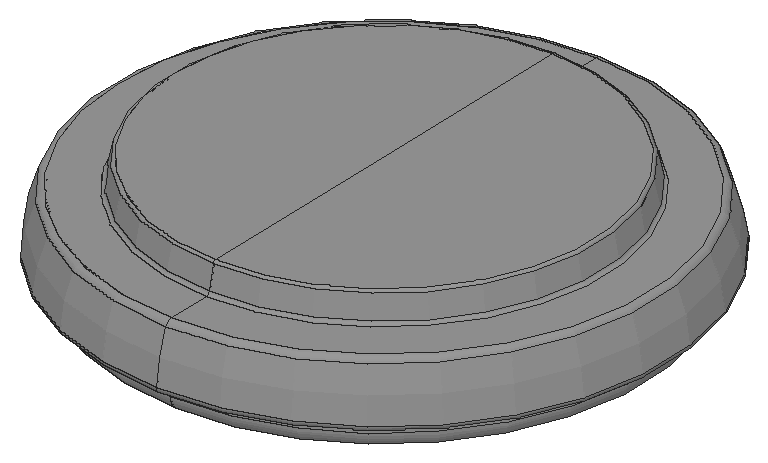
Revit family "FMK11_63_UN_Surface-mounted_ETK", category Lighting Fixtures, Revit 2017 (continued)
Definition of nested family "FMK.1 - Lightsource"
  Types (13, lengths in mm): name | Wattage Comments | Photometric Web File | built-in parameter 1150142 | Apparent Load
      82.7397\t271.7601\t260.7829\t249.8115\t238.199\t224.9904\t212.0355\t199.0916\r\n186.1571\t173.2273\t160.3064\t147.3979\t134.5054\t133.8004\t26.4433\t0\t0\t0\r\n0\t0\t0\t0\t0\t0\r\n405.3384\t404.7985\t404.2731\t402.9746\t400.9294\t398.9778\t395.1912\t391.2006\t387.1764\t383.1518\r\n379.3503\t373.2478\t366.6736\t360.0872\t353.4808\t347.1016\t338.8269\t329.9717\t321.1259\t312.2733\r\n303.6511\t293.3438\t282.42\t271.4857\t260.561\t249.8768\t237.5346\t224.5982\t211.6601\t198.736\r\n185.8092\t172.8976\t159.9952\t147.0924\t134.208\t131.9549\t19.0178\t0\t0\t0\r\n0\t0\t0\t0\t0\t0\r\n405.3384\t404.775\t404.2417\t402.941\t400.8877\t398.9141\t395.0686\t391.0953\t387.0939\t383.0703\r\n379.2465\t373.03\t366.4888\t359.9216\t353.3431\t346.971\t338.5451\t329.7328\t320.92\t312.0934\r\n303.4848\t293.0109\t282.1221\t271.2145\t260.3152\t249.6258\t237.1217\t224.202\t211.2903\t198.3835\r\n185.4706\t172.5647\t159.66\t146.7717\t133.8799\t129.6163\t13.1927\t0\t0\t0\r\n0\t0\t0\t0\t0\t0\r\n405.3384\t404.7527\t404.2068\t402.9019\t400.8767\t398.8558\t394.9637\t390.9782\t387.0011\t382.9988\r\n379.1382\t372.8305\t366.3205\t359.7944\t353.2392\t346.8416\t338.2971\t329.4929\t320.6819\t311.8859\r\n303.2565\t292.6827\t281.8284\t270.9715\t260.0963\t249.3876\t236.7404\t223.8309\t210.924\t198.0301\r\n185.1227\t172.2345\t159.3412\t146.4511\t133.5636\t127.1408\t8.7076\t0\t0\t0\r\n0\t0\t0\t0\t0\t0\r\n405.3384\t404.7317\t404.1685\t402.8573\t400.8341\t398.8203\t394.8729\t390.882\t386.8997\t382.9031\r\n379.0139\t372.6472\t366.1376\t359.6334\t353.1356\t346.7285\t338.0975\t329.2976\t320.4978\t311.7082\r\n303.0442\t292.3608\t281.5086\t270.6653\t259.8241\t249.1051\t236.3739\t223.483\t210.5936\t197.696\r\n184.8022\t171.9214\t159.0318\t146.1423\t133.2543\t124.7431\t5.3342\t0\t0\t0\r\n0\t0\t0\t0\t0\t0\r\n405.3384\t404.7118\t404.0854\t402.8071\t400.7827\t398.7607\t394.8082\t390.8197\t386.8117\t382.8145\r\n378.8745\t372.4566\t365.9558\t359.4647\t352.9636\t346.5217\t337.8337\t329.0692\t320.2987\t311.5096\r\n302.8013\t292.0593\t281.2296\t270.4093\t259.5758\t248.8064\t236.0021\t223.1017\t210.2133\t197.3263\r\n184.4407\t171.5452\t158.6583\t145.7732\t132.8917\t122.5723\t2.8944\t0\t0\t0\r\n0\t0\t0\t0\t0\t0\r\n405.3384\t404.6932\t404.0473\t402.7226\t400.7224\t398.6915\t394.7212\t390.7363\t386.7361\t382.7442\r\n378.7775\t372.3101\t365.7992\t359.3066\t352.8016\t346.3302\t337.6023\t328.8394\t320.0728\t311.2958\r\n302.561\t291.776\t280.951\t270.126\t259.3004\t248.5209\t235.6594\t222.7723\t209.8851\t196.9978\r\n184.1099\t171.2248\t158.3346\t145.4546\t132.5648\t120.8445\t1.2522\t0\t0\t0\r\n0\t0\t0\t0\t0\t0\r\n405.3384\t404.6757\t404.0125\t402.6704\t400.6365\t398.604\t394.6163\t390.6263\t386.6347\t382.642\r\n378.653\t372.1631\t365.664\t359.1642\t352.6514\t346.1579\t337.4057\t328.6338\t319.8737\t311.0997\r\n302.337\t291.5239\t280.7001\t269.8776\t259.0436\t248.2362\t235.3595\t222.4683\t209.58\t196.6886\r\n183.7994\t170.9097\t158.0181\t145.1276\t132.2357\t119.6415\t0.3076\t0\t0\t0\r\n0\t0\t0\t0\t0\t0\r\n405.3384\t404.6596\t403.9806\t402.6229\t400.5746\t398.5262\t394.5231\t390.5201\t386.5171\t382.514\r\n378.4993\t372.003\t365.4952\t358.999\t352.4911\t345.9949\t337.2046\t328.4142\t319.6239\t310.8453\r\n302.055\t291.2397\t280.4128\t269.5975\t258.7705\t247.9552\t235.0564\t222.1578\t209.2708\t196.372\r\n183.485\t170.5863\t157.6875\t144.8005\t131.9018\t119.0148\t0\t0\t0\t0\r\n0\t0\t0\t0\t0\t0\r\n405.3384\t404.6446\t403.952\t402.5799\t400.516\t398.4496\t394.4362\t390.4167\t386.393\t382.3765\r\n378.3639\t371.8594\t365.3463\t358.8345\t352.3221\t345.8186\t337.0218\t328.2282\t319.4233\t310.6293\r\n301.8361\t291.0019\t280.1697\t269.3256\t258.4827\t247.6533\t234.7581\t221.854\t208.9473\t196.0427\r\n183.1396\t170.2368\t157.3331\t144.4306\t131.5295\t118.923\t0.3058\t0\t0\t0\r\n0\t0\t0\t0\t0\t0\r\n405.3384\t404.6311\t403.9266\t402.5417\t400.4513\t398.3517\t394.3448\t390.3139\t386.2918\t382.2534\r\n378.238\t371.7358\t365.2058\t358.6709\t352.1332\t345.6284\t336.8455\t328.0252\t319.2071\t310.3886\r\n301.6022\t290.7741\t279.9105\t269.0599\t258.1993\t247.3735\t234.4901\t221.5727\t208.655\t195.7516\r\n182.8364\t169.9224\t157.0186\t144.1096\t131.2095\t119.4546\t1.2376\t0\t0\t0\r\n0\t0\t0\t0\t0\t0\r\n405.3384\t404.6189\t403.9044\t402.5099\t400.4048\t398.3042\t394.3046\t390.2607\t386.2346\t382.1535\r\n378.1197\t371.6271\t365.0667\t358.4953\t351.9348\t345.4342\t336.6778\t327.8251\t318.988\t310.1383\r\n301.3588\t290.557\t279.6705\t268.7827\t257.8964\t247.0828\t234.2295\t221.3067\t208.3745\t195.4454\r\n182.519\t169.6057\t156.6841\t143.7663\t130.8565\t120.461\t2.8438\t0\t0\t0\r\n0\t0\t0\t0\t0\t0\r\n405.3384\t404.608\t403.906\t402.4809\t400.3686\t398.2825\t394.3364\t390.2509\t386.1403\t382.0139\r\n377.9719\t371.5145\t364.9316\t358.3331\t351.741\t345.2569\t336.5322\t327.65\t318.7717\t309.893\r\n301.122\t290.3538\t279.4296\t268.5063\t257.6005\t246.812\t234.0133\t221.0577\t208.1226\t195.1708\r\n182.233\t169.2892\t156.3621\t143.428\t130.5101\t121.8491\t5.2081\t0\t0\t0\r\n0\t0\t0\t0\t0\t0\r\n405.3384\t404.5983\t403.8876\t402.4562\t400.3424\t398.3285\t394.312\t390.1748\t386.0001\t381.8499\r\n377.8465\t371.4423\t364.8155\t358.179\t351.5314\t345.0554\t336.4015\t327.4708\t318.5324\t309.5879\r\n300.8096\t290.1067\t279.1611\t268.2305\t257.289\t246.5037\t233.7899\t220.8066\t207.8411\t194.873\r\n181.9286\t168.9735\t156.0235\t143.0925\t130.1555\t123.4873\t8.4517\t0\t0\t0\r\n0\t0\t0\t0\t0\t0\r\n405.3384\t404.5901\t403.8694\t402.4354\t400.3632\t398.2964\t394.2634\t390.0534\t385.8948\t381.7277\r\n377.7335\t371.3662\t364.6894\t358.0074\t351.3178\t344.8397\t336.2562\t327.2573\t318.2671\t309.292\r\n300.5434\t289.9663\t278.9733\t267.9846\t257.0011\t246.2424\t233.6423\t220.6376\t207.6416\t194.6527\r\n181.66\t168.6794\t155.7053\t142.752\t129.7991\t125.1546\t12.7273\t0\t0\t0\r\n0\t0\t0\t0\t0\t0\r\n405.3384\t404.5832\t403.8511\t402.4184\t400.3294\t398.2373\t394.1753\t389.9932\t385.8207\t381.5858\r\n377.5585\t371.29\t364.5766\t357.8427\t351.0774\t344.5671\t336.1252\t327.126\t318.0989\t309.0717\r\n300.2725\t289.8361\t278.7856\t267.7468\t256.7121\t245.9428\t233.5014\t220.4496\t207.42\t194.3931\r\n181.3835\t168.3751\t155.3885\t142.4223\t129.4696\t126.6674\t18.2327\t0\t0\t0\r\n0\t0\t0\t0\t0\t0\r\n405.3384\t404.6161\t403.833\t402.4338\t400.2812\t398.117\t394.1504\t389.9734\t385.7276\t381.4258\r\n377.3816\t371.2392\t364.4718\t357.6674\t350.8628\t344.3271\t336.3727\t327.0146\t317.9224\t308.8102\r\n299.6801\t289.9237\t278.5829\t267.4993\t256.4203\t245.3261\t233.5789\t220.2411\t207.1712\t194.1138\r\n181.0807\t168.0584\t155.0612\t142.0858\t129.1328\t127.7426\t25.2025\t0\t0\t0\r\n0\t0\t0\t0\t0\t0\r\n405.3384\t404.6105\t403.8147\t402.4101\t400.2194\t398.0503\t394.1642\t389.934\t385.6217\t381.2896\r\n377.1953\t371.2003\t364.3795\t357.5497\t350.6777\t343.7901\t336.3331\t326.9098\t317.7336\t308.5378\r\n299.3341\t289.7717\t278.414\t267.2406\t256.0784\t244.9306\t233.4048\t220.0844\t206.987\t193.9063\r\n180.8452\t167.8011\t154.7799\t141.7801\t128.7982\t128.0121\t33.8934\t0\t0\t0\r\n0\t0\t0\t0\t0\t0\r\n405.3384\t404.605\t403.7961\t402.3797\t400.115\t397.9929\t394.1749\t389.882\t385.5568\t381.1715\r\n376.6631\t371.4951\t364.3355\t357.4079\t350.4678\t343.5064\t336.2424\t326.8117\t317.5627\t308.2892\r\n298.9902\t289.5725\t278.2428\t267.0234\t255.8103\t244.5868\t233.2271\t219.9634\t206.8227\t193.6957\r\n180.6021\t167.5443\t154.4957\t141.4702\t128.4705\t115.505\t70.026\t0\t0\t0\r\n0\t0\t0\t0\t0\t0\r\n405.3384\t404.5994\t403.7772\t402.343\t400.0582\t397.9547\t394.1952\t389.8748\t385.5291\t380.979\r\n376.4372\t371.47\t364.2569\t357.2705\t350.2636\t343.2284\t336.1012\t326.741\t317.3967\t308.0368\r\n298.6712\t289.3725\t278.1474\t266.8135\t255.5191\t244.2436\t233.0342\t219.8906\t206.6977\t193.5207\r\n180.3828\t167.2783\t154.2217\t141.1824\t128.1722\t115.1956\t80.4414\t0\t0\t0\r\n0\t0\t0\t0\t0\t0\r\n405.3384\t404.594\t403.7665\t402.3007\t400.0104\t397.8946\t394.467\t389.9452\t385.4255\t380.805\r\n376.2179\t371.3573\t364.2027\t357.1507\t350.0679\t342.9438\t335.905\t326.68\t317.25\t307.8176\r\n298.3724\t289.0673\t278.0222\t266.6515\t255.3003\t243.9401\t232.7582\t219.8133\t206.5867\t193.3789\r\n180.2056\t167.0687\t153.966\t140.8994\t127.8726\t114.8827\t90.1164\t0\t0\t0\r\n0\t0\t0\t0\t0\t0\r\n405.3384\t404.5889\t403.7442\t402.2253\t399.9717\t397.8259\t394.5256\t389.9394\t385.2649\t380.6538\r\n375.9641\t371.2248\t364.1789\t357.067\t349.8977\t342.6677\t335.6288\t326.6532\t317.1531\t307.6244\r\n298.0542\t288.478\t278.2469\t266.5399\t255.0597\t243.6182\t232.4332\t219.7955\t206.4902\t193.2133\r\n180.0012\t166.821\t153.6857\t140.5957\t127.5588\t114.5661\t98.6146\t0\t0\t0\r\n0\t0\t0\t0\t0\t0\r\n405.3384\t404.5838\t403.7204\t402.1836\t399.9493\t397.495\t394.6576\t389.8387\t385.1686\t380.5014\r\n375.729\t371.0605\t364.1878\t357.0066\t349.7365\t342.3831\t334.9798\t326.9611\t317.1042\t307.4527\r\n297.7974\t288.1146\t278.1369\t266.4125\t254.8729\t243.3316\t231.7822\t219.9393\t206.403\t193.0914\r\n179.8299\t166.6203\t153.466\t140.3518\t127.2713\t114.2585\t105.3682\t0\t0\t0\r\n0\t0\t0\t0\t0\t0\r\n405.3384\t404.579\t403.6953\t402.1453\t400.0044\t397.4328\t394.6846\t389.7831\t385.1052\t380.3588\r\n375.5172\t370.8454\t364.2472\t356.9647\t349.5864\t342.1389\t334.6459\t326.9338\t317.0698\t307.3364\r\n297.5463\t287.7394\t277.9639\t266.3589\t254.7041\t243.037\t231.404\t219.803\t206.3799\t193.0247\r\n179.6747\t166.415\t153.2216\t140.0873\t127.0126\t113.9921\t109.8199\t9.0426\t0\t0\r\n0\t0\t0\t0\t0\t0\r\n405.3384\t404.5744\t403.6691\t402.1103\t399.9781\t397.3776\t394.6495\t389.7577\t385.0555\t380.2439\r\n375.3168\t370.2787\t364.5973\t356.9471\t349.4699\t341.9308\t334.3338\t326.7694\t317.1018\t307.2337\r\n297.342\t287.4211\t277.6928\t266.3301\t254.5511\t242.8085\t231.0731\t219.5536\t206.3499\t192.9347\r\n179.5687\t166.2649\t153.016\t139.8234\t126.726\t113.6905\t111.2803\t21.7073\t0\t0\r\n0\t0\t0\t0\t0\t0\r\n405.3384\t404.57\t403.6421\t402.0785\t399.9533\t397.3665\t394.4977\t389.7642\t385.0355\t380.1533\r\n375.1312\t370.0104\t364.5699\t356.9602\t349.3932\t341.7532\t334.0283\t326.4707\t317.1654\t307.1994\r\n297.1718\t287.133\t277.0299\t266.5617\t254.4718\t242.5962\t230.7316\t218.9364\t206.6337\t192.9105\r\n179.4434\t166.087\t152.7988\t139.6068\t126.4833\t113.4569\t100.4945\t60.079\t0\t0\r\n0\t0\t0\t0\t0\t0\r\n405.3384\t404.5661\t403.6144\t402.0512\t399.9354\t397.2997\t394.4018\t389.8025\t385.0322\t380.0745\r\n374.9814\t369.7443\t364.4545\t357.0142\t349.3678\t341.6146\t333.7412\t325.8005\t317.4989\t307.1996\r\n297.0754\t286.8649\t276.6591\t266.3928\t254.4188\t242.4545\t230.4861\t218.5355\t206.5242\t192.8964\r\n179.3794\t165.9637\t152.639\t139.4008\t126.2545\t113.2052\t100.2394\t75.4175\t0\t0\r\n0\t0\t0\t0\t0\t0\r\n405.3384\t404.5625\t403.5863\t402.0218\t399.9104\t397.2171\t394.3045\t389.8927\t385.0511\t380.0149\r\n374.8455\t369.4904\t364.2419\t357.1219\t349.384\t341.4901\t333.5186\t325.4314\t317.3612\t307.2899\r\n297.0022\t286.6805\t276.276\t266.1102\t254.4772\t242.3425\t230.2194\t218.174\t206.3008\t192.9174\r\n179.3579\t165.8762\t152.4972\t139.2127\t126.0328\t112.9621\t100.0093\t87.0551\t0\t0\r\n0\t0\t0\t0\t0\t0\r\n405.3384\t404.5593\t403.5488\t401.9935\t399.8835\t397.1246\t394.2037\t390.2303\t385.0913\t379.9896\r\n374.7291\t369.2488\t363.6276\t357.5035\t349.4258\t341.4412\t333.3238\t325.0865\t317.0691\t307.6993\r\n297.0161\t286.5013\t276.02\t265.4718\t254.6844\t242.2835\t230.06\t217.8462\t205.7159\t193.2069\r\n179.3627\t165.7938\t152.3453\t139.0419\t125.8422\t112.7623\t99.7796\t94.113\t0.6105\t0\r\n0\t0\t0\t0\t0\t0\r\n405.3384\t404.5567\t403.4347\t401.9663\t399.8542\t396.9916\t393.8623\t390.3025\t385.1493\t379.9968\r\n374.6293\t369.0482\t363.3058\t357.4798\t349.5307\t341.4245\t333.1708\t324.8183\t316.3472\t307.7332\r\n297.0531\t286.4824\t275.7917\t265.0603\t254.4821\t242.3206\t229.9441\t217.6132\t205.3254\t193.1091\r\n179.3748\t165.764\t152.2793\t138.8941\t125.6464\t112.5384\t99.5694\t86.7243\t14.0692\t0\r\n0\t0\t0\t0\t0\t0\r\n405.3384\t404.5544\t403.4109\t401.9397\t399.8279\t396.9235\t393.766\t390.3402\t385.2395\t380.0227\r\n374.5426\t368.8806\t363.0291\t357.2464\t350.0081\t341.4712\t333.0914\t324.5758\t315.9704\t307.4474\r\n297.2703\t286.4865\t275.6403\t264.756\t253.843\t242.607\t229.9008\t217.4057\t204.9789\t192.7969\r\n179.4987\t165.7588\t152.175\t138.7541\t125.4881\t112.3504\t99.3709\t86.5437\t51.9517\t0\r\n0\t0\t0\t0\t0\t0\r\n405.3384\t404.5528\t403.3896\t401.9136\t399.7913\t396.957\t393.6984\t390.3419\t385.3606\t380.0818\r\n374.5\t368.7496\t362.7919\t356.6028\t350.0626\t341.5854\t333.0658\t324.4216\t315.6059\t306.7421\r\n297.6344\t286.5955\t275.5812\t264.5172\t253.4454\t242.4387\t229.9497\t217.306\t204.7451\t192.2166\r\n179.6744\t165.7968\t152.1564\t138.646\t125.329\t112.1759\t99.1985\t86.3772\t68.9502\t0\r\n0\t0\t0\t0\t0\t0\r\n405.3384\t404.5516\t403.3711\t401.8875\t399.7527\t396.9277\t393.6298\t390.2999\t385.7547\t380.1611\r\n374.5012\t368.6583\t362.5687\t356.2748\t349.9304\t341.7568\t333.1054\t324.2991\t315.3601\t306.3451\r\n297.4021\t286.7961\t275.6181\t264.4085\t253.1166\t241.8373\t230.2463\t217.3133\t204.529\t191.8469\r\n179.4606\t165.8616\t152.1382\t138.5889\t125.1903\t112.0098\t99.0178\t86.2149\t79.0059\t0\r\n0\t0\t0\t0\t0\t0\r\n405.3384\t404.5303\t403.3553\t401.8645\t399.7131\t396.9209\t393.5723\t390.1989\t385.8711\t380.2535\r\n374.5458\t368.6079\t362.4015\t355.9658\t349.3036\t342.1689\t333.2403\t324.278\t315.2144\t305.9895\r\n296.6392\t287.1356\t275.8011\t264.3885\t252.9357\t241.4441\t230.1178\t217.3521\t204.4354\t191.5936\r\n178.8542\t166.1287\t152.1585\t138.5008\t125.0791\t111.8622\t98.8722\t86.0895\t73.5113\t5.8064\r\n0\t0\t0\t0\t0\t0\r\n405.3384\t404.5303\t403.3424\t401.8359\t399.6738\t396.904\t393.5271\t389.8272\t385.9412\t380.4009\r\n374.6452\t368.602\t362.2897\t355.7113\t348.9026\t342.0438\t333.4533\t324.356\t315.1404\t305.736\r\n296.21\t286.8176\t276.3248\t264.5084\t252.8679\t241.1993\t229.4494\t217.6364\t204.4484\t191.4377\r\n178.5308\t165.8585\t152.2347\t138.4866\t125.0067\t111.7492\t98.7341\t85.9681\t73.4427\t41.0177\r\n0\t0\t0\t0\t0\t0\r\n405.3384\t404.5314\t403.3323\t401.8066\t399.6355\t396.8882\t393.4998\t389.7256\t385.9264\t380.8323\r\n374.7825\t368.6476\t362.2247\t355.5179\t348.5777\t341.3716\t333.8428\t324.5619\t315.1649\t305.6139\r\n295.8944\t286.068\t276.276\t264.795\t252.9611\t241.028\t229.1012\t217.1796\t204.5856\t191.3702\r\n178.2755\t165.3108\t152.4401\t138.5329\t124.9629\t111.6537\t98.6364\t85.8681\t73.3923\t59.4422\r\n0\t0\t0\t0\t0\t0\r\n405.3384\t404.5334\t403.3254\t401.7768\t399.5834\t396.8724\t393.5563\t389.6813\t385.8296\t380.9686\r\n374.9634\t368.7467\t362.223\t355.3988\t348.3247\t340.9663\t333.6105\t325.0909\t315.3013\t305.5958\r\n295.7167\t285.6879\t275.5196\t265.2641\t253.1643\t241.0284\t228.9013\t216.7619\t204.7197\t191.4431\r\n178.1426\t165.025\t152.054\t138.6238\t124.949\t111.5808\t98.5317\t85.7999\t73.3521\t67.4468\r\n0\t0\t0\t0\t0\t0\r\n405.3384\t404.5367\t403.3213\t401.747\t399.553\t396.8551\t393.5253\t389.642\t385.4196\t381.0143\r\n375.4341\t368.8936\t362.2811\t355.3633\t348.149\t340.6463\t332.8952\t325.0567\t315.6054\t305.7209\r\n295.6694\t285.4283\t275.0861\t264.6206\t253.7214\t241.2356\t228.8857\t216.5051\t204.1542\t191.7482\r\n178.1912\t164.8347\t151.6841\t138.7372\t124.9638\t111.5467\t98.4431\t85.7156\t73.3308\t61.2799\r\n6.6224\t0\t0\t0\t0\t0\r\n405.3384\t404.541\t403.3206\t401.7173\t399.5263\t396.8348\t393.4891\t389.6228\t385.3035\t380.9705\r\n375.6064\t369.1065\t362.3871\t355.4019\t348.059\t340.4189\t332.5297\t324.353\t315.9992\t306.0013\r\n295.7691\t285.3359\t274.8118\t264.0762\t253.4617\t241.8475\t229.0559\t216.4579\t203.8582\t191.3277\r\n178.4886\t164.7975\t151.4218\t138.2923\t125.0643\t111.5119\t98.3871\t85.6566\t73.3292\t61.3845\r\n41.3401\t0\t0\t0\t0\t0\r\n405.3384\t404.7046\t403.3351\t401.6085\t399.5025\t396.8106\t393.4101\t389.6964\t385.2267\t380.5909\r\n375.6608\t369.6146\t362.5887\t355.5216\t348.0628\t340.3035\t332.2796\t323.9612\t315.3815\t306.4951\r\n296.0045\t285.4293\t274.6916\t263.7186\t252.6951\t241.7657\t229.4357\t216.6186\t203.7814\t190.9543\r\n178.3774\t164.9054\t151.3423\t137.993\t125.0188\t111.5486\t98.3549\t85.6161\t73.3518\t61.5005\r\n54.5145\t0\t0\t0\t0\t0\r\n405.3384\t404.7094\t403.3409\t401.5892\t399.4806\t396.7853\t393.3861\t389.647\t385.1911\t380.4752\r\n375.5799\t369.7733\t362.8838\t355.7241\t348.1677\t340.311\t332.135\t323.6844\t314.9275\t305.9445\r\n296.5192\t285.7241\t274.7325\t263.6059\t252.3232\t240.938\t229.682\t217.0354\t203.8964\t190.8667\r\n177.8483\t165.1045\t151.4128\t137.8197\t124.5862\t111.6542\t98.3596\t85.6026\t73.3081\t61.567\r\n50.2719\t0\t0\t0\t0\t0\r\n405.3384\t404.7141\t403.3495\t401.5769\t399.4597\t396.7589\t393.3787\t389.6141\t385.2819\t380.3954\r\n375.1982\t369.7519\t363.3915\t356.0194\t348.3778\t340.4279\t332.1175\t323.54\t314.6307\t305.4612\r\n295.9656\t286.2757\t275.0119\t263.7288\t252.2133\t240.5678\t228.8725\t217.2219\t204.3601\t191.0024\r\n177.7549\t164.5951\t151.6169\t137.856\t124.3917\t111.3335\t98.3751\t85.5165\t73.2932\t61.597\r\n50.4839\t26.8985\t0\t0\t0\t0\r\n405.3384\t404.7188\t403.3611\t401.5899\t399.4393\t396.7318\t393.3783\t389.5778\t385.2799\t380.4048\r\n375.1029\t369.354\t363.4329\t356.5509\t348.7107\t340.6772\t332.2579\t323.5399\t314.5046\t305.1188\r\n295.5188\t285.63\t275.5222\t264.0384\t252.342\t240.479\t228.5121\t216.4262\t204.4988\t191.6613\r\n177.9175\t164.4704\t151.1862\t138.14\t124.3921\t111.0641\t98.3014\t85.4755\t73.1886\t61.5768\r\n50.6169\t43.8035\t0\t0\t0\t0\r\n405.3384\t404.7234\t403.3758\t401.5932\t399.3558\t396.7043\t393.383\t389.5381\t385.271\t380.3873\r\n375.0389\t369.2482\t363.0412\t356.6073\t349.2775\t341.0511\t332.5546\t323.7019\t314.5615\t305.0088\r\n295.2657\t285.1407\t274.8439\t264.3864\t252.9603\t240.7003\t228.4626\t216.1193\t203.7058\t191.2839\r\n178.5866\t164.7027\t151.1153\t137.7422\t124.6359\t111.0334\t97.9491\t85.3922\t73.0802\t61.4885\r\n50.6435\t40.5048\t0\t0\t0\t0\r\n405.3384\t404.7278\t403.3938\t401.6032\t399.3484\t396.6726\t393.3886\t389.4997\t385.2549\t380.3738\r\n375.1114\t369.2206\t362.9224\t356.2011\t349.3184\t341.6044\t333.2293\t324.0355\t314.7893\t305.1249\r\n295.2219\t284.9551\t274.4342\t263.6396\t252.6034\t241.2841\t228.7342\t216.1549\t203.4536\t190.7548\r\n178.0519\t165.358\t151.3808\t137.7373\t124.3116\t111.2524\t97.8365\t85.0967\t72.89\t61.3103\r\n50.5893\t40.6649\t9.0488\t0\t0\t0\r\n405.3384\t404.7319\t403.4151\t401.6204\t399.
